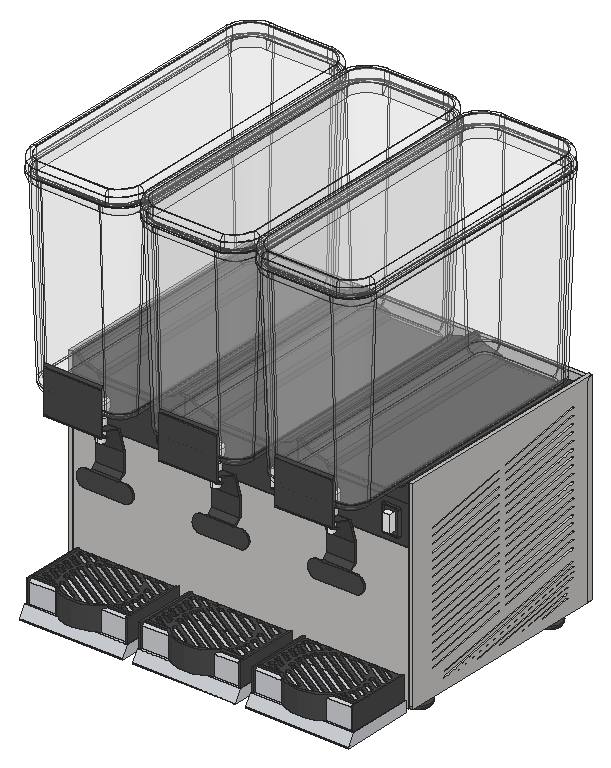
Revit family "QF_Vollrath-VBBE3-37T", category Specialty Equipment, Revit 2018 (continued)
Forms (in)
  Extrusion 47, solid, material "QF_Finishes-Black Plastic"
    sketch origin (7.0638, 0, 0) x (1, 0, 0) y (0, 1, 0)
      loop
        arc (-2.69423, -6.15849) -> (-2.79372, -6.1566) -> (-2.84402, -6.24246) r 0.09843
        line (-2.84402, -6.24246) -> (-2.84402, -6.35783)
        arc (-2.84402, -6.35783) -> (-2.83145, -6.40596) -> (-2.79695, -6.4418) r 0.09843
        line (-2.79695, -6.4418) -> (-2.18491, -6.81617) -> (-1.91188, -6.81617)
        arc (-1.91188, -6.81617) -> (-1.85587, -6.7319) -> (-1.9031, -6.64241) r 0.09904
        line (-1.9031, -6.64241) -> (-2.69423, -6.15849)
      loop
        line (-2.39494, -3.50325) -> (-1.73202, -3.90876)
        arc (-1.73202, -3.90876) -> (-1.66637, -3.92218) -> (-1.60735, -3.89047) r 0.09841
        line (-1.60735, -3.89047) -> (-1.54093, -3.82001)
        arc (-1.54093, -3.82001) -> (-1.51481, -3.73924) -> (-1.5609, -3.66795) r 0.09896
        line (-1.5609, -3.66795) -> (-2.18752, -3.28465)
        arc (-2.18752, -3.28465) -> (-2.235, -3.26983) -> (-2.28367, -3.28012) r 0.09843
        line (-2.28367, -3.28012) -> (-2.38686, -3.33173)
        arc (-2.38686, -3.33173) -> (-2.44114, -3.41512) -> (-2.39494, -3.50325) r 0.09843
      loop
        arc (-1.47591, -3.32087) -> (-1.57065, -3.39261) -> (-1.52727, -3.50325) r 0.09843
        line (-1.52727, -3.50325) -> (-1.3826, -3.59175)
        arc (-1.3826, -3.59175) -> (-1.32707, -3.60613) -> (-1.27295, -3.58713) r 0.09847
        line (-1.27295, -3.58713) -> (-1.18803, -3.52827)
        arc (-1.18803, -3.52827) -> (-1.14526, -3.44427) -> (-1.19182, -3.36231) r 0.09944
        line (-1.19182, -3.36231) -> (-1.23593, -3.33533)
        arc (-1.23593, -3.33533) -> (-1.26061, -3.32455) -> (-1.28729, -3.32087) r 0.09843
        line (-1.28729, -3.32087) -> (-1.47591, -3.32087)
      loop
        arc (2.16593, -4.35471) -> (2.05008, -4.36433) -> (2.02423, -4.47767) r 0.09841
        line (2.02423, -4.47767) -> (2.08147, -4.62318)
        arc (2.08147, -4.62318) -> (2.09769, -4.65241) -> (2.12281, -4.67447) r 0.09781
        line (2.12281, -4.67447) -> (2.73454, -5.04866)
        arc (2.73454, -5.04866) -> (2.83403, -5.05055) -> (2.88433, -4.9647) r 0.09843
        line (2.88433, -4.9647) -> (2.88433, -4.84932)
        arc (2.88433, -4.84932) -> (2.87176, -4.80119) -> (2.83726, -4.76535) r 0.09843
        line (2.83726, -4.76535) -> (2.16593, -4.35471)
      loop
        arc (2.33855, -4.99104) -> (2.23397, -4.99219) -> (2.18943, -5.08682) r 0.09845
        line (2.18943, -5.08682) -> (2.20051, -5.20384)
        arc (2.20051, -5.20384) -> (2.21442, -5.2483) -> (2.24726, -5.28133) r 0.09819
        line (2.24726, -5.28133) -> (2.73454, -5.5794)
        arc (2.73454, -5.5794) -> (2.83403, -5.58129) -> (2.88433, -5.49544) r 0.09843
        line (2.88433, -5.49544) -> (2.88433, -5.38006)
        arc (2.88433, -5.38006) -> (2.87176, -5.33193) -> (2.83726, -5.29609) r 0.09843
        line (2.83726, -5.29609) -> (2.33855, -4.99104)
      loop
        arc (2.34021, -5.5228) -> (2.24688, -5.51781) -> (2.19158, -5.59315) r 0.09828
        line (2.19158, -5.59315) -> (2.17713, -5.69751)
        arc (2.17713, -5.69751) -> (2.18485, -5.75432) -> (2.22293, -5.79719) r 0.09843
        line (2.22293, -5.79719) -> (2.73454, -6.11014)
        arc (2.73454, -6.11014) -> (2.83403, -6.11203) -> (2.88433, -6.02618) r 0.09843
        line (2.88433, -6.02618) -> (2.88433, -5.9108)
        arc (2.88433, -5.9108) -> (2.87176, -5.86267) -> (2.83726, -5.82683) r 0.09843
        line (2.83726, -5.82683) -> (2.34021, -5.5228)
      loop
        arc (2.2366, -5.99016) -> (2.15157, -5.98163) -> (2.09192, -6.04283) r 0.09842
        line (2.09192, -6.04283) -> (2.05934, -6.13333)
        arc (2.05934, -6.13333) -> (2.05873, -6.20007) -> (2.09985, -6.25265) r 0.1011
        line (2.09985, -6.25265) -> (2.73454, -6.64088)
        arc (2.73454, -6.64088) -> (2.83403, -6.64277) -> (2.88433, -6.55692) r 0.09843
        line (2.88433, -6.55692) -> (2.88433, -6.44154)
        arc (2.88433, -6.44154) -> (2.87176, -6.39341) -> (2.83726, -6.35758) r 0.09843
        line (2.83726, -6.35758) -> (2.2366, -5.99016)
      loop
        arc (2.04906, -6.40618) -> (1.97544, -6.39427) -> (1.91458, -6.43738) r 0.09845
        line (1.91458, -6.43738) -> (1.86362, -6.52146)
        arc (1.86362, -6.52146) -> (1.85022, -6.5966) -> (1.89492, -6.65847) r 0.09775
        line (1.89492, -6.65847) -> (2.15566, -6.81617) -> (2.42228, -6.81617)
        arc (2.42228, -6.81617) -> (2.48182, -6.73326) -> (2.43526, -6.64241) r 0.09794
        line (2.43526, -6.64241) -> (2.04906, -6.40618)
    from 2.28346 to 2.40157
  Extrusion 48, solid, material "QF_Finishes-Stainless"
    sketch origin (14.16375, 0, 0) x (0, 1, 0) y (0, 0, -1)
      loop
        arc (10.7576, -0.80737) -> (10.73165, -0.74473) -> (10.66901, -0.71878) r 0.08858
        line (10.66901, -0.71878) -> (-3.18504, -0.71878)
        arc (-3.18504, -0.71878) -> (-3.24768, -0.74473) -> (-3.27362, -0.80737) r 0.08858
        line (-3.27362, -0.80737) -> (-3.27362, -13.35433) -> (10.7576, -13.35433) -> (10.7576, -0.80737)
      loop
        line (8.85098, -1.60553) -> (6.83124, -1.2494) -> (6.81928, -1.31723)
        arc (6.81928, -1.31723) -> (6.84907, -1.34077) -> (6.88486, -1.3534) r 0.11572
        line (6.88486, -1.3534) -> (8.76503, -1.68493)
        arc (8.76503, -1.68493) -> (8.80299, -1.6853) -> (8.83902, -1.67336) r 0.11572
        line (8.83902, -1.67336) -> (8.85098, -1.60553)
      loop
        line (8.85098, -1.90536) -> (5.13082, -1.2494) -> (5.11886, -1.31723)
        arc (5.11886, -1.31723) -> (5.14864, -1.34077) -> (5.18444, -1.3534) r 0.11572
        line (5.18444, -1.3534) -> (8.76503, -1.98476)
        arc (8.76503, -1.98476) -> (8.80299, -1.98513) -> (8.83902, -1.97319) r 0.11572
        line (8.83902, -1.97319) -> (8.85098, -1.90536)
      loop
        line (8.85098, -2.20519) -> (3.43039, -1.2494) -> (3.41843, -1.31723)
        arc (3.41843, -1.31723) -> (3.44822, -1.34077) -> (3.48402, -1.3534) r 0.11572
        line (3.48402, -1.3534) -> (8.76503, -2.28459)
        arc (8.76503, -2.28459) -> (8.80299, -2.28496) -> (8.83902, -2.27302) r 0.11572
        line (8.83902, -2.27302) -> (8.85098, -2.20519)
      loop
        line (9.32147, -2.58798) -> (1.72997, -1.2494) -> (1.71792, -1.31773)
        arc (1.71792, -1.31773) -> (1.7477, -1.34127) -> (1.7835, -1.3539) r 0.11572
        line (1.7835, -1.3539) -> (9.23542, -2.66788)
        arc (9.23542, -2.66788) -> (9.27338, -2.66825) -> (9.30942, -2.65631) r 0.11572
        line (9.30942, -2.65631) -> (9.32147, -2.58798)
      loop
        line (9.32147, -2.88782) -> (0.02955, -1.2494) -> (0.0175, -1.31773)
        arc (0.0175, -1.31773) -> (0.04728, -1.34127) -> (0.08308, -1.3539) r 0.11572
        line (0.08308, -1.3539) -> (9.23542, -2.96771)
        arc (9.23542, -2.96771) -> (9.27338, -2.96808) -> (9.30942, -2.95614) r 0.11572
        line (9.30942, -2.95614) -> (9.32147, -2.88782)
      loop
        line (9.32147, -3.18765) -> (-0.85632, -1.39303) -> (-0.86836, -1.46136)
        arc (-0.86836, -1.46136) -> (-0.83858, -1.4849) -> (-0.80278, -1.49753) r 0.11572
        line (-0.80278, -1.49753) -> (9.23542, -3.26754)
        arc (9.23542, -3.26754) -> (9.27338, -3.26791) -> (9.30942, -3.25598) r 0.11572
        line (9.30942, -3.25598) -> (9.32147, -3.18765)
      loop
        line (9.32147, -3.48748) -> (-0.85632, -1.69286) -> (-0.86836, -1.76119)
        arc (-0.86836, -1.76119) -> (-0.83858, -1.78473) -> (-0.80278, -1.79736) r 0.11572
        line (-0.80278, -1.79736) -> (9.23542, -3.56737)
        arc (9.23542, -3.56737) -> (9.27338, -3.56774) -> (9.30942, -3.55581) r 0.11572
        line (9.30942, -3.55581) -> (9.32147, -3.48748)
      loop
        line (9.32185, -4.22424) -> (3.9704, -3.28063) -> (3.94984, -3.39722)
        arc (3.94984, -3.39722) -> (3.97963, -3.42076) -> (4.01542, -3.4334) r 0.11572
        line (4.01542, -3.4334) -> (9.22729, -4.35239)
        arc (9.22729, -4.35239) -> (9.26526, -4.35276) -> (9.30129, -4.34083) r 0.11572
        line (9.30129, -4.34083) -> (9.32185, -4.22424)
      loop
        line (3.58682, -3.213) -> (-1.76463, -2.26939) -> (-1.78519, -2.38598)
        arc (-1.78519, -2.38598) -> (-1.75541, -2.40952) -> (-1.71961, -2.42215) r 0.11572
        line (-1.71961, -2.42215) -> (3.49226, -3.34115)
        arc (3.49226, -3.34115) -> (3.53022, -3.34152) -> (3.56626, -3.32958) r 0.11572
        line (3.56626, -3.32958) -> (3.58682, -3.213)
      loop
        line (9.32185, -4.68766) -> (3.9704, -3.74406) -> (3.94984, -3.86065)
        arc (3.94984, -3.86065) -> (3.97963, -3.88419) -> (4.01542, -3.89682) r 0.11572
        line (4.01542, -3.89682) -> (9.22729, -4.81581)
        arc (9.22729, -4.81581) -> (9.26526, -4.81619) -> (9.30129, -4.80425) r 0.11572
        line (9.30129, -4.80425) -> (9.32185, -4.68766)
      loop
        line (3.58682, -3.67642) -> (-1.76463, -2.73282) -> (-1.78519, -2.8494)
        arc (-1.78519, -2.8494) -> (-1.75541, -2.87294) -> (-1.71961, -2.88558) r 0.11572
        line (-1.71961, -2.88558) -> (3.49226, -3.80457)
        arc (3.49226, -3.80457) -> (3.53022, -3.80494) -> (3.56626, -3.79301) r 0.11572
        line (3.56626, -3.79301) -> (3.58682, -3.67642)
      loop
        line (9.32185, -5.15109) -> (3.9704, -4.20748) -> (3.94984, -4.32407)
        arc (3.94984, -4.32407) -> (3.97963, -4.34761) -> (4.01542, -4.36025) r 0.11572
        line (4.01542, -4.36025) -> (9.22729, -5.27924)
        arc (9.22729, -5.27924) -> (9.26526, -5.27961) -> (9.30129, -5.26768) r 0.11572
        line (9.30129, -5.26768) -> (9.32185, -5.15109)
      loop
        line (3.58682, -4.13985) -> (-1.76463, -3.19624) -> (-1.78519, -3.31283)
        arc (-1.78519, -3.31283) -> (-1.75541, -3.33637) -> (-1.71961, -3.34901) r 0.11572
        line (-1.71961, -3.34901) -> (3.49226, -4.268)
        arc (3.49226, -4.268) -> (3.53022, -4.26837) -> (3.56626, -4.25644) r 0.11572
        line (3.56626, -4.25644) -> (3.58682, -4.13985)
      loop
        line (9.32185, -5.61451) -> (3.9704, -4.67091) -> (3.94984, -4.7875)
        arc (3.94984, -4.7875) -> (3.97963, -4.81104) -> (4.01542, -4.82367) r 0.11572
        line (4.01542, -4.82367) -> (9.22729, -5.74267)
        arc (9.22729, -5.74267) -> (9.26526, -5.74304) -> (9.30129, -5.7311) r 0.11572
        line (9.30129, -5.7311) -> (9.32185, -5.61451)
      loop
        line (3.58682, -4.60327) -> (-1.76463, -3.65967) -> (-1.78519, -3.77626)
        arc (-1.78519, -3.77626) -> (-1.75541, -3.7998) -> (-1.71961, -3.81243) r 0.11572
        line (-1.71961, -3.81243) -> (3.49226, -4.73142)
        arc (3.49226, -4.73142) -> (3.53022, -4.73179) -> (3.56626, -4.71986) r 0.11572
        line (3.56626, -4.71986) -> (3.58682, -4.60327)
      loop
        line (9.32185, -6.07794) -> (3.9704, -5.13434) -> (3.94984, -5.25092)
        arc (3.94984, -5.25092) -> (3.97963, -5.27446) -> (4.01542, -5.2871) r 0.11572
        line (4.01542, -5.2871) -> (9.22729, -6.20609)
        arc (9.22729, -6.20609) -> (9.26526, -6.20646) -> (9.30129, -6.19453) r 0.11572
        line (9.30129, -6.19453) -> (9.32185, -6.07794)
      loop
        line (3.58682, -5.0667) -> (-1.76463, -4.12309) -> (-1.78519, -4.23968)
        arc (-1.78519, -4.23968) -> (-1.75541, -4.26322) -> (-1.71961, -4.27586) r 0.11572
        line (-1.71961, -4.27586) -> (3.49226, -5.19485)
        arc (3.49226, -5.19485) -> (3.53022, -5.19522) -> (3.56626, -5.18329) r 0.11572
        line (3.56626, -5.18329) -> (3.58682, -5.0667)
      loop
        line (9.32185, -6.54137) -> (3.9704, -5.59776) -> (3.94984, -5.71435)
        arc (3.94984, -5.71435) -> (3.97963, -5.73789) -> (4.01542, -5.75052) r 0.11572
        line (4.01542, -5.75052) -> (9.22729, -6.66952)
        arc (9.22729, -6.66952) -> (9.26526, -6.66989) -> (9.30129, -6.65795) r 0.11572
        line (9.30129, -6.65795) -> (9.32185, -6.54137)
      loop
        line (3.58682, -5.53012) -> (-1.76463, -4.58652) -> (-1.78519, -4.70311)
        arc (-1.78519, -4.70311) -> (-1.75541, -4.72665) -> (-1.71961, -4.73928) r 0.11572
        line (-1.71961, -4.73928) -> (3.49226, -5.65827)
        arc (3.49226, -5.65827) -> (3.53022, -5.65864) -> (3.56626, -5.64671) r 0.11572
        line (3.56626, -5.64671) -> (3.58682, -5.53012)
      loop
        line (9.32185, -7.00479) -> (3.9704, -6.06119) -> (3.94984, -6.17777)
        arc (3.94984, -6.17777) -> (3.97963, -6.20131) -> (4.01542, -6.21395) r 0.11572
        line (4.01542, -6.21395) -> (9.22729, -7.13294)
        arc (9.22729, -7.13294) -> (9.26526, -7.13331) -> (9.30129, -7.12138) r 0.11572
        line (9.30129, -7.12138) -> (9.32185, -7.00479)
      loop
        line (3.58682, -5.99355) -> (-1.76463, -5.04994) -> (-1.78519, -5.16653)
        arc (-1.78519, -5.16653) -> (-1.75541, -5.19007) -> (-1.71961, -5.20271) r 0.11572
        line (-1.71961, -5.20271) -> (3.49226, -6.1217)
        arc (3.49226, -6.1217) -> (3.53022, -6.12207) -> (3.56626, -6.11014) r 0.11572
        line (3.56626, -6.11014) -> (3.58682, -5.99355)
      loop
        line (9.32185, -7.46822) -> (3.9704, -6.52461) -> (3.94984, -6.6412)
        arc (3.94984, -6.6412) -> (3.97963, -6.66474) -> (4.01542, -6.67737) r 0.11572
        line (4.01542, -6.67737) -> (9.22729, -7.59637)
        arc (9.22729, -7.59637) -> (9.26526, -7.59674) -> (9.30129, -7.5848) r 0.11572
        line (9.30129, -7.5848) -> (9.32185, -7.46822)
      loop
        line (3.58682, -6.45697) -> (-1.76463, -5.51337) -> (-1.78519, -5.62996)
        arc (-1.78519, -5.62996) -> (-1.75541, -5.6535) -> (-1.71961, -5.66613) r 0.11572
        line (-1.71961, -5.66613) -> (3.49226, -6.58512)
        arc (3.49226, -6.58512) -> (3.53022, -6.5855) -> (3.56626, -6.57356) r 0.11572
        line (3.56626, -6.57356) -> (3.58682, -6.45697)
      loop
        line (9.32185, -7.93164) -> (3.9704, -6.98804) -> (3.94984, -7.10462)
        arc (3.94984, -7.10462) -> (3.97963, -7.12816) -> (4.01542, -7.1408) r 0.11572
        line (4.01542, -7.1408) -> (9.22729, -8.05979)
        arc (9.22729, -8.05979) -> (9.26526, -8.06016) -> (9.30129, -8.04823) r 0.11572
        line (9.30129, -8.04823) -> (9.32185, -7.93164)
      loop
        line (3.58682, -6.9204) -> (-1.76463, -5.97679) -> (-1.78519, -6.09338)
        arc (-1.78519, -6.09338) -> (-1.75541, -6.11692) -> (-1.71961, -6.12956) r 0.11572
        line (-1.71961, -6.12956) -> (3.49226, -7.04855)
        arc (3.49226, -7.04855) -> (3.53022, -7.04892) -> (3.56626, -7.03699) r 0.11572
        line (3.56626, -7.03699) -> (3.58682, -6.9204)
      loop
        line (9.32185, -8.39507) -> (3.9704, -7.45146) -> (3.94984, -7.56805)
        arc (3.94984, -7.56805) -> (3.97963, -7.59159) -> (4.01542, -7.60422) r 0.11572
        line (4.01542, -7.60422) -> (9.22729, -8.52322)
        arc (9.22729, -8.52322) -> (9.26526, -8.52359) -> (9.30129, -8.51165) r 0.11572
        line (9.30129, -8.51165) -> (9.32185, -8.39507)
      loop
        line (3.58682, -7.38382) -> (-1.76463, -6.44022) -> (-1.78519, -6.55681)
        arc (-1.78519, -6.55681) -> (-1.75541, -6.58035) -> (-1.71961, -6.59298) r 0.11572
        line (-1.71961, -6.59298) -> (3.49226, -7.51198)
        arc (3.49226, -7.51198) -> (3.53022, -7.51235) -> (3.56626, -7.50041) r 0.11572
        line (3.56626, -7.50041) -> (3.58682, -7.38382)
      loop
        line (9.32185, -8.85849) -> (3.9704, -7.91489) -> (3.94984, -8.03147)
        arc (3.94984, -8.03147) -> (3.97963, -8.05501) -> (4.01542, -8.06765) r 0.11572
        line (4.01542, -8.06765) -> (9.22729, -8.98664)
        arc (9.22729, -8.98664) -> (9.26526, -8.98701) -> (9.30129, -8.97508) r 0.11572
        line (9.30129, -8.97508) -> (9.32185, -8.85849)
      loop
        line (3.58682, -7.84725) -> (-1.76463, -6.90364) -> (-1.78519, -7.02023)
        arc (-1.78519, -7.02023) -> (-1.75541, -7.04377) -> (-1.71961, -7.05641) r 0.11572
        line (-1.71961, -7.05641) -> (3.49226, -7.9754)
        arc (3.49226, -7.9754) -> (3.53022, -7.97577) -> (3.56626, -7.96384) r 0.11572
        line (3.56626, -7.96384) -> (3.58682, -7.84725)
      loop
        line (9.32185, -9.32192) -> (3.9704, -8.37831) -> (3.94984, -8.4949)
        arc (3.94984, -8.4949) -> (3.97963, -8.51844) -> (4.01542, -8.53107) r 0.11572
        line (4.01542, -8.53107) -> (9.22729, -9.45007)
        arc (9.22729, -9.45007) -> (9.26526, -9.45044) -> (9.30129, -9.4385) r 0.11572
        line (9.30129, -9.4385) -> (9.32185, -9.32192)
      loop
        line (3.58682, -8.31068) -> (-1.76463, -7.36707) -> (-1.78519, -7.48366)
        arc (-1.78519, -7.48366) -> (-1.75541, -7.5072) -> (-1.71961, -7.51983) r 0.11572
        line (-1.71961, -7.51983) -> (3.49226, -8.43883)
        arc (3.49226, -8.43883) -> (3.53022, -8.4392) -> (3.56626, -8.42726) r 0.11572
        line (3.56626, -8.42726) -> (3.58682, -8.31068)
      loop
        line (9.32185, -9.78534) -> (3.9704, -8.84174) -> (3.94984, -8.95832)
        arc (3.94984, -8.95832) -> (3.97963, -8.98186) -> (4.01542, -8.9945) r 0.11572
        line (4.01542, -8.9945) -> (9.22729, -9.91349)
        arc (9.22729, -9.91349) -> (9.26526, -9.91386) -> (9.30129, -9.90193) r 0.11572
        line (9.30129, -9.90193) -> (9.32185, -9.78534)
      loop
        line (3.58682, -8.7741) -> (-1.76463, -7.8305) -> (-1.78519, -7.94708)
        arc (-1.78519, -7.94708) -> (-1.75541, -7.97062) -> (-1.71961, -7.98326) r 0.11572
        line (-1.71961, -7.98326) -> (3.49226, -8.90225)
        arc (3.49226, -8.90225) -> (3.53022, -8.90262) -> (3.56626, -8.89069) r 0.11572
        line (3.56626, -8.89069) -> (3.58682, -8.7741)
      loop
        line (9.32185, -10.24877) -> (3.9704, -9.30516) -> (3.94984, -9.42175)
        arc (3.94984, -9.42175) -> (3.97963, -9.44529) -> (4.01542, -9.45792) r 0.11572
        line (4.01542, -9.45792) -> (9.22729, -10.37692)
        arc (9.22729, -10.37692) -> (9.26526, -10.37729) -> (9.30129, -10.36535) r 0.11572
        line (9.30129, -10.36535) -> (9.32185, -10.24877)
      loop
        line (3.58682, -9.23753) -> (-1.76463, -8.29392) -> (-1.78519, -8.41051)
        arc (-1.78519, -8.41051) -> (-1.75541, -8.43405) -> (-1.71961, -8.44668) r 0.11572
        line (-1.71961, -8.44668) -> (3.49226, -9.36568)
        arc (3.49226, -9.36568) -> (3.53022, -9.36605) -> (3.56626, -9.35411) r 0.11572
        line (3.56626, -9.35411) -> (3.58682, -9.23753)
      loop
        line (9.32185, -10.71219) -> (3.9704, -9.76859) -> (3.94984, -9.88517)
        arc (3.94984, -9.88517) -> (3.97963, -9.90871) -> (4.01542, -9.92135) r 0.11572
        line (4.01542, -9.92135) -> (9.22729, -10.84034)
        arc (9.22729, -10.84034) -> (9.26526, -10.84071) -> (9.30129, -10.82878) r 0.11572
        line (9.30129, -10.82878) -> (9.32185, -10.71219)
      loop
        line (3.58682, -9.70095) -> (-1.76463, -8.75735) -> (-1.78519, -8.87393)
        arc (-1.78519, -8.87393) -> (-1.75541, -8.89747) -> (-1.71961, -8.91011) r 0.11572
        line (-1.71961, -8.91011) -> (3.49226, -9.8291)
        arc (3.49226, -9.8291) -> (3.53022, -9.82947) -> (3.56626, -9.81754) r 0.11572
        line (3.56626, -9.81754) -> (3.58682, -9.70095)
      loop
        line (9.32185, -11.17562) -> (3.9704, -10.23201) -> (3.94984, -10.3486)
        arc (3.94984, -10.3486) -> (3.97963, -10.37214) -> (4.01542, -10.38477) r 0.11572
        line (4.01542, -10.38477) -> (9.22729, -11.30377)
        arc (9.22729, -11.30377) -> (9.26526, -11.30414) -> (9.30129, -11.2922) r 0.11572
        line (9.30129, -11.2922) -> (9.32185, -11.17562)
      loop
        line (3.58682, -10.16438) -> (-1.76463, -9.22077) -> (-1.78519, -9.33736)
        arc (-1.78519, -9.33736) -> (-1.75541, -9.3609) -> (-1.71961, -9.37353) r 0.11572
        line (-1.71961, -9.37353) -> (3.49226, -10.29253)
        arc (3.49226, -10.29253) -> (3.53022, -10.2929) -> (3.56626, -10.28096) r 0.11572
        line (3.56626, -10.28096) -> (3.58682, -10.16438)
      loop
        line (9.32185, -11.63904) -> (3.9704, -10.69544) -> (3.94984, -10.81202)
        arc (3.94984, -10.81202) -> (3.97963, -10.83556) -> (4.01542, -10.8482) r 0.11572
        line (4.01542, -10.8482) -> (9.22729, -11.76719)
        arc (9.22729, -11.76719) -> (9.26526, -11.76756) -> (9.30129, -11.75563) r 0.11572
        line (9.30129, -11.75563) -> (9.32185, -11.63904)
      loop
        line (3.58682, -10.6278) -> (-1.76463, -9.6842) -> (-1.78519, -9.80078)
        arc (-1.78519, -9.80078) -> (-1.75541, -9.82432) -> (-1.71961, -9.83696) r 0.11572
        line (-1.71961, -9.83696) -> (3.49226, -10.75595)
        arc (3.49226, -10.75595) -> (3.53022, -10.75632) -> (3.56626, -10.74439) r 0.11572
        line (3.56626, -10.74439) -> (3.58682, -10.6278)
      loop
        line (9.32185, -12.10307) -> (3.9704, -11.15947) -> (3.94984, -11.27605)
        arc (3.94984, -11.27605) -> (3.97963, -11.29959) -> (4.01542, -11.31223) r 0.11572
        line (4.01542, -11.31223) -> (9.22729, -12.23122)
        arc (9.22729, -12.23122) -> (9.26526, -12.23159) -> (9.30129, -12.21966) r 0.11572
        line (9.30129, -12.21966) -> (9.32185, -12.10307)
      loop
        line (3.58682, -11.09183) -> (-1.76463, -10.14822) -> (-1.78519, -10.26481)
        arc (-1.78519, -10.26481) -> (-1.75541, -10.28835) -> (-1.71961, -10.30099) r 0.11572
        line (-1.71961, -10.30099) -> (3.49226, -11.21998)
        arc (3.49226, -11.21998) -> (3.53022, -11.22035) -> (3.56626, -11.20842) r 0.11572
        line (3.56626, -11.20842) -> (3.58682, -11.09183)
    from -3.6675 to -3.46457
  Extrusion 49, solid
    sketch origin (7.06271, 0, 0) x (0, 1, 0) y (0, 0, 1)
      loop
        arc (-6.9626, 2.40157) -> (-7.08882, 2.37471) -> (-7.18008, 2.28346) r 0.22732
        line (-7.18008, 2.28346) -> (-7.18008, 1.03543) -> (-6.9626, 1.03543) -> (-6.9626, 2.40157)
    from -3.05071 to -1.36292
  Sweep 50, solid, material "QF_Finishes-Black Plastic"
    path origin (0.00669, 0, 0) x (1, 0, 0) y (0, 0, 1)
      loop
        arc (-2.90354, 10.17079) -> (-2.88625, 10.12903) -> (-2.84449, 10.11173) r 0.05906
        line (-2.84449, 10.11173) -> (-1.99803, 10.11173)
        arc (-1.99803, 10.11173) -> (-1.95627, 10.12903) -> (-1.93898, 10.17079) r 0.05906
        line (-1.93898, 10.17079) -> (-1.93898, 11.63929)
        arc (-1.93898, 11.63929) -> (-1.95627, 11.68105) -> (-1.99803, 11.69835) r 0.05906
        line (-1.99803, 11.69835) -> (-2.84449, 11.69835)
        arc (-2.84449, 11.69835) -> (-2.88625, 11.68105) -> (-2.90354, 11.63929) r 0.05906
        line (-2.90354, 11.63929) -> (-2.90354, 10.17079)
    profile origin (-2.89685, 0, 10.90504) x (-1, 0, 0) y (0, -1, 0)
      loop
        arc (0.09489, 3.27803) -> (0.04169, 3.30166) -> (0.01972, 3.35557) r 0.0779
        arc (0.01972, 3.35557) -> (0.01127, 3.3726) -> (-0.00738, 3.37633) r 0.02157
        line (-0.00738, 3.37633) -> (-0.00738, 3.27803) -> (0.09489, 3.27803)
  Extrusion 51, solid, material "QF_Finishes-White Rubber"
    sketch origin (0.00669, 0, 0) x (1, 0, 0) y (0, 0, 1)
      loop
        line (-2.66535, 10.3637) -> (-2.17717, 10.3637) -> (-2.17717, 11.44638) -> (-2.66535, 11.44638) -> (-2.66535, 10.3637)
    from 3.27362 to 3.65598
  Extrusion 52, solid, material "QF_Finishes-Black Plastic"
    sketch origin (14.12542, 0, 0) x (1, 0, 0) y (0, 1, 0)
      loop
        line (3.18945, -3.12402) -> (-3.14914, -3.12402) -> (-3.14914, -7.27756) -> (-3.05071, -7.27756) -> (-3.05071, -6.9626) -> (-1.68325, -6.9626)
        arc (-1.68325, -6.9626) -> (-1.65302, -6.96863) -> (-1.62741, -6.98581) r 0.07879
        arc (-1.62741, -6.98581) -> (0.01907, -7.67007) -> (1.66554, -6.98581) r 2.323
        arc (1.66554, -6.98581) -> (1.69232, -6.96862) -> (1.72357, -6.9626) r 0.08414
        line (1.72357, -6.9626) -> (3.09102, -6.9626) -> (3.09102, -7.27756) -> (3.18945, -7.27756) -> (3.18945, -3.12402)
      loop
        line (-3.05071, -3.19488) -> (-3.05071, -6.8248) -> (-1.68325, -6.8248)
        arc (-1.68325, -6.8248) -> (-1.60014, -6.84139) -> (-1.52977, -6.88862) r 0.21647
        arc (-1.52977, -6.88862) -> (0.02, -7.53304) -> (1.56978, -6.88862) r 2.18576
        arc (1.56978, -6.88862) -> (1.64015, -6.84139) -> (1.72326, -6.8248) r 0.21647
        line (1.72326, -6.8248) -> (3.09102, -6.8248) -> (3.09102, -3.19488) -> (-3.05071, -3.19488)
    from 1.03543 to 2.48031
  Extrusion 53, solid
    sketch origin (14.12542, 0, 0) x (0, 1, 0) y (0, 0, 1)
      loop
        line (-3.27362, 1.03543) -> (-7.3563, 1.03543) -> (-7.75, 0.3937) -> (-7.75, 0.35433) -> (-3.27362, 0.35433) -> (-3.27362, 1.03543)
    from -3.17717 to 3.27868
  Extrusion 54, solid
    sketch origin (14.12542, 0, 0) x (0, 1, 0) y (0, 0, -1)
      loop
        line (-6.9626, -2.40157) -> (-6.9626, -1.03543) -> (-7.18008, -1.03543) -> (-7.18008, -2.28346)
        arc (-7.18008, -2.28346) -> (-7.08882, -2.37471) -> (-6.9626, -2.40157) r 0.22732
    from -3.09102 to -1.40314
  Extrusion 55, solid, material "QF_Finishes-Black Plastic"
    sketch origin (14.12651, 0, 0) x (1, 0, 0) y (0, 1, 0)
      loop
        line (-3.05071, -6.8248) -> (-1.68325, -6.8248)
        arc (-1.68325, -6.8248) -> (-1.60014, -6.84139) -> (-1.52977, -6.88862) r 0.21647
        arc (-1.52977, -6.88862) -> (0.02, -7.53304) -> (1.56978, -6.88862) r 2.18576
        arc (1.56978, -6.88862) -> (1.64015, -6.84139) -> (1.72326, -6.8248) r 0.21647
        line (1.72326, -6.8248) -> (3.09102, -6.8248) -> (3.09102, -3.19488) -> (-3.05071, -3.19488) -> (-3.05071, -6.8248)
      loop
        line (1.99999, -5.31469) -> (-0.85274, -3.56972)
        arc (-0.85274, -3.56972) -> (-0.90143, -3.55568) -> (-0.95047, -3.56848) r 0.09564
        line (-0.95047, -3.56848) -> (-1.05079, -3.62641)
        arc (-1.05079, -3.62641) -> (-1.09797, -3.71056) -> (-1.05079, -3.79471) r 0.09865
        line (-1.05079, -3.79471) -> (1.89113, -5.59424)
        arc (1.89113, -5.59424) -> (1.98696, -5.59808) -> (2.04057, -5.51856) r 0.09843
        line (2.04057, -5.51856) -> (2.04706, -5.40253)
        arc (2.04706, -5.40253) -> (2.03544, -5.35223) -> (1.99999, -5.31469) r 0.09857
      loop
        line (1.92869, -5.80182) -> (-1.25519, -3.85429)
        arc (-1.25519, -3.85429) -> (-1.31546, -3.84407) -> (-1.37003, -3.87162) r 0.09782
        line (-1.37003, -3.87162) -> (-1.44371, -3.9453)
        arc (-1.44371, -3.9453) -> (-1.47148, -4.02385) -> (-1.42783, -4.09482) r 0.09665
        line (-1.42783, -4.09482) -> (1.79158, -6.06408)
        arc (1.79158, -6.06408) -> (1.8762, -6.07294) -> (1.93593, -6.01235) r 0.09812
        line (1.93593, -6.01235) -> (1.96819, -5.91075)
        arc (1.96819, -5.91075) -> (1.96695, -5.84957) -> (1.92869, -5.80182) r 0.09507
      loop
        line (1.74837, -6.22226) -> (-1.54753, -4.20621)
        arc (-1.54753, -4.20621) -> (-1.61887, -4.19636) -> (-1.67693, -4.23897) r 0.09584
        line (-1.67693, -4.23897) -> (-1.73108, -4.32679)
        arc (-1.73108, -4.32679) -> (-1.743, -4.39877) -> (-1.70104, -4.45845) r 0.09631
        line (-1.70104, -4.45845) -> (1.59739, -6.47604)
        arc (1.59739, -6.47604) -> (1.66914, -6.48577) -> (1.72723, -6.44255) r 0.09587
        line (1.72723, -6.44255) -> (1.78078, -6.35401)
        arc (1.78078, -6.35401) -> (1.79129, -6.28157) -> (1.74837, -6.22226) r 0.09741
      loop
        line (1.48132, -6.58966) -> (-1.74811, -4.61427)
        arc (-1.74811, -4.61427) -> (-1.83177, -4.60731) -> (-1.88979, -4.66798) r 0.09744
        line (-1.88979, -4.66798) -> (-1.92257, -4.76761)
        arc (-1.92257, -4.76761) -> (-1.92194, -4.82904) -> (-1.88395, -4.87732) r 0.0953
        line (-1.88395, -4.87732) -> (1.30511, -6.82801)
        arc (1.30511, -6.82801) -> (1.36581, -6.8405) -> (1.42146, -6.81321) r 0.09579
        line (1.42146, -6.81321) -> (1.49519, -6.73948)
        arc (1.49519, -6.73948) -> (1.52341, -6.66132) -> (1.48132, -6.58966) r 0.09779
      loop
        line (1.10757, -6.89177) -> (-1.84914, -5.0832)
        arc (-1.84914, -5.0832) -> (-1.94458, -5.07917) -> (-1.99846, -5.15805) r 0.0984
        line (-1.99846, -5.15805) -> (-2.00593, -5.27264)
        arc (-2.00593, -5.27264) -> (-1.99506, -5.32396) -> (-1.95906, -5.3621) r 0.09696
        line (-1.95906, -5.3621) -> (0.91264, -7.11867)
        arc (0.91264, -7.11867) -> (0.96072, -7.13194) -> (1.0088, -7.11867) r 0.09375
        line (1.0088, -7.11867) -> (1.10757, -7.05966)
        arc (1.10757, -7.05966) -> (1.15463, -6.97572) -> (1.10757, -6.89177) r 0.0984
      loop
        line (0.60863, -7.11732) -> (-1.82264, -5.63015)
        arc (-1.82264, -5.63015) -> (-1.92999, -5.63329) -> (-1.97033, -5.73281) r 0.09825
        line (-1.97033, -5.73281) -> (-1.93774, -5.87396)
        arc (-1.93774, -5.87396) -> (-1.92175, -5.90738) -> (-1.89442, -5.93238) r 0.09714
        line (-1.89442, -5.93238) -> (0.37225, -7.31886)
        arc (0.37225, -7.31886) -> (0.40695, -7.33252) -> (0.44421, -7.33107) r 0.09073
        line (0.44421, -7.33107) -> (0.58467, -7.29582)
        arc (0.58467, -7.29582) -> (0.65482, -7.21438) -> (0.60863, -7.11732) r 0.09843
      loop
        line (-0.15644, -7.18008) -> (-1.53008, -6.33984)
        arc (-1.53008, -6.33984) -> (-1.65245, -6.35562) -> (-1.66332, -6.47852) r 0.09845
        line (-1.66332, -6.47852) -> (-1.474, -6.72028) -> (-0.52036, -7.30361) -> (-0.21942, -7.36177)
        arc (-0.21942, -7.36177) -> (-0.1148, -7.29628) -> (-0.15644, -7.18008) r 0.09842
      loop
        line (1.92796, -4.73989) -> (-0.30697, -3.37282)
        arc (-0.30697, -3.37282) -> (-0.34079, -3.3598) -> (-0.37704, -3.35963) r 0.10043
        line (-0.37704, -3.35963) -> (-0.52004, -3.39377)
        arc (-0.52004, -3.39377) -> (-0.59167, -3.47506) -> (-0.54547, -3.57306) r 0.09865
        line (-0.54547, -3.57306) -> (1.85831, -5.04342)
        arc (1.85831, -5.04342) -> (1.96624, -5.03999) -> (2.00606, -4.93962) r 0.09842
        line (2.00606, -4.93962) -> (1.97137, -4.79716)
        arc (1.97137, -4.79716) -> (1.95507, -4.76442) -> (1.92796, -4.73989) r 0.09857
      loop
        line (1.46531, -3.92615) -> (0.62845, -3.41426)
        arc (0.62845, -3.41426) -> (0.46776, -3.37153) -> (0.30428, -3.34114) r 2.18615
        arc (0.30428, -3.34114) -> (0.19761, -3.4051) -> (0.23921, -3.5223) r 0.09818
        line (0.23921, -3.5223) -> (1.54679, -4.32213)
        arc (1.54679, -4.32213) -> (1.66978, -4.30502) -> (1.67799, -4.18113) r 0.09835
        arc (1.67799, -4.18113) -> (1.57664, -4.04948) -> (1.46531, -3.92615) r 2.12561
      loop
        line (2.83911, -4.23574) -> (1.36588, -3.33459)
        arc (1.36588, -3.33459) -> (1.34175, -3.32427) -> (1.31572, -3.32087) r 0.09593
        arc (1.31572, -3.32087) -> (1.27881, -3.321) -> (1.2419, -3.32087) r 5.03614
        arc (1.2419, -3.32087) -> (1.14687, -3.39171) -> (1.18925, -3.5024) r 0.0982
        arc (1.18925, -3.5024) -> (1.38493, -3.6409) -> (1.56306, -3.80134) r 2.04444
        line (1.56306, -3.80134) -> (2.73642, -4.51906)
        arc (2.73642, -4.51906) -> (2.8353, -4.51983) -> (2.88433, -4.43395) r 0.09782
        arc (2.88433, -4.43395) -> (2.88401, -4.37627) -> (2.88433, -4.31858) r 5.14481
        arc (2.88433, -4.31858) -> (2.87254, -4.27125) -> (2.83911, -4.23574) r 0.0965
      loop
        line (2.83639, -3.70334) -> (2.23231, -3.33383)
        arc (2.23231, -3.33383) -> (2.21027, -3.32439) -> (2.18655, -3.32087) r 0.09339
        line (2.18655, -3.32087) -> (1.99477, -3.32087)
        arc (1.99477, -3.32087) -> (1.89988, -3.39257) -> (1.94341, -3.50325) r 0.09837
        line (1.94341, -3.50325) -> (2.73528, -3.98763)
        arc (2.73528, -3.98763) -> (2.83413, -3.98931) -> (2.88433, -3.90415) r 0.09818
        arc (2.88433, -3.90415) -> (2.88448, -3.84599) -> (2.88433, -3.78784) r 11.3571
        arc (2.88433, -3.78784) -> (2.87139, -3.73933) -> (2.83639, -3.70334) r 0.09933
      loop
        arc (-2.69423, -5.62775) -> (-2.79372, -5.62586) -> (-2.84402, -5.71171) r 0.09843
        line (-2.84402, -5.71171) -> (-2.84402, -5.82709)
        arc (-2.84402, -5.82709) -> (-2.83145, -5.87522) -> (-2.79695, -5.91106) r 0.09843
        line (-2.79695, -5.91106) -> (-2.13741, -6.31449)
        arc (-2.13741, -6.31449) -> (-2.02317, -6.30683) -> (-1.99384, -6.19615) r 0.09819
        line (-1.99384, -6.19615) -> (-2.04986, -6.04886)
        arc (-2.04986, -6.04886) -> (-2.066, -6.01898) -> (-2.09144, -5.99647) r 0.09728
        line (-2.09144, -5.99647) -> (-2.69423, -5.62775)
      loop
        arc (-2.69423, -5.09701) -> (-2.79372, -5.09512) -> (-2.84402, -5.18097) r 0.09843
        line (-2.84402, -5.18097) -> (-2.84402, -5.29635)
        arc (-2.84402, -5.29635) -> (-2.83145, -5.34448) -> (-2.79695, -5.38032) r 0.09843
        line (-2.79695, -5.38032) -> (-2.30078, -5.68381)
        arc (-2.30078, -5.68381) -> (-2.19664, -5.68292) -> (-2.1516, -5.58901) r 0.09843
        line (-2.1516, -5.58901) -> (-2.16128, -5.47226)
        arc (-2.16128, -5.47226) -> (-2.17523, -5.42752) -> (-2.20826, -5.39428) r 0.09865
        line (-2.20826, -5.39428) -> (-2.69423, -5.09701)
      loop
        arc (-2.69423, -4.56627) -> (-2.79372, -4.56438) -> (-2.84402, -4.65023) r 0.09843
        line (-2.84402, -4.65023) -> (-2.84402, -4.76561)
        arc (-2.84402, -4.76561) -> (-2.83145, -4.81374) -> (-2.79695, -4.84958) r 0.09843
        line (-2.79695, -4.84958) -> (-2.29775, -5.15493)
        arc (-2.29775, -5.15493) -> (-2.20358, -5.15958) -> (-2.14873, -5.0829) r 0.09839
        line (-2.14873, -5.0829) -> (-2.13391, -4.98165)
        arc (-2.13391, -4.98165) -> (-2.14196, -4.92467) -> (-2.17954, -4.8811) r 0.10209
        line (-2.17954, -4.8811) -> (-2.69423, -4.56627)
      loop
        arc (-2.69423, -4.03555) -> (-2.79372, -4.03365) -> (-2.84402, -4.11951) r 0.09843
        line (-2.84402, -4.11951) -> (-2.84402, -4.23489)
        arc (-2.84402, -4.23489) -> (-2.83145, -4.28301) -> (-2.79695, -4.31885) r 0.09843
        line (-2.79695, -4.31885) -> (-2.19054, -4.68978)
        arc (-2.19054, -4.68978) -> (-2.10586, -4.69843) -> (-2.0461, -4.63781) r 0.09843
        line (-2.0461, -4.63781) -> (-2.01311, -4.5476)
        arc (-2.01311, -4.5476) -> (-2.01108, -4.48046) -> (-2.05286, -4.42787) r 0.09777
        line (-2.05286, -4.42787) -> (-2.69423, -4.03555)
      loop
        arc (-2.69423, -3.50479) -> (-2.79372, -3.5029) -> (-2.84402, -3.58875) r 0.09843
        line (-2.84402, -3.58875) -> (-2.84402, -3.70413)
        arc (-2.84402, -3.70413) -> (-2.83145, -3.75226) -> (-2.79695, -3.78809) r 0.09843
        line (-2.79695, -3.78809) -> (-2.00078, -4.2751)
        arc (-2.00078, -4.2751) -> (-1.92526, -4.28682) -> (-1.86377, -4.24142) r 0.09931
        line (-1.86377, -4.24142) -> (-1.8143, -4.16136)
        arc (-1.8143, -4.16136) -> (-1.80095, -4.08604) -> (-1.84557, -4.0239) r 0.09843
        line (-1.84557, -4.0239) -> (-2.69423, -3.50479)
      loop
        arc (-2.69423, -6.15849) -> (-2.79372, -6.1566) -> (-2.84402, -6.24246) r 0.09843
        line (-2.84402, -6.24246) -> (-2.84402, -6.35783)
        arc (-2.84402, -6.35783) -> (-2.83145, -6.40596) -> (-2.79695, -6.4418) r 0.09843
        line (-2.79695, -6.4418) -> (-2.18491, -6.81617) -> (-1.91188, -6.81617)
        arc (-1.91188, -6.81617) -> (-1.85587, -6.7319) -> (-1.9031, -6.64241) r 0.09904
        line (-1.9031, -6.64241) -> (-2.69423, -6.15849)
      loop
        line (-2.39494, -3.50325) -> (-1.73202, -3.90876)
        arc (-1.73202, -3.90876) -> (-1.66637, -3.92218) -> (-1.60735, -3.89047) r 0.09841
        line (-1.60735, -3.89047) -> (-1.54093, -3.82001)
        arc (-1.54093, -3.82001) -> (-1.51481, -3.73924) -> (-1.5609, -3.66795) r 0.09896
        line (-1.5609, -3.66795) -> (-2.18752, -3.28465)
        arc (-2.18752, -3.28465) -> (-2.235, -3.26983) -> (-2.28367, -3.28012) r 0.09843
        line (-2.28367, -3.28012) -> (-2.38686, -3.33173)
        arc (-2.38686, -3.33173) -> (-2.44114, -3.41512) -> (-2.39494, -3.50325) r 0.09843
      loop
        arc (-1.47591, -3.32087) -> (-1.57065, -3.39261) -> (-1.52727, -3.50325) r 0.09843
        line (-1.52727, -3.50325) -> (-1.3826, -3.59175)
        arc (-1.3826, -3.59175) -> (-1.32707, -3.60613) -> (-1.27295, -3.58713) r 0.09847
        line (-1.27295, -3.58713) -> (-1.18803, -3.52827)
        arc (-1.18803, -3.52827) -> (-1.14526, -3.44427) -> (-1.19182, -3.36231) r 0.09944
        line (-1.19182, -3.36231) -> (-1.23593, -3.33533)
        arc (-1.23593, -3.33533) -> (-1.26061, -3.32455) -> (-1.28729, -3.32087) r 0.09843
        line (-1.28729, -3.32087) -> (-1.47591, -3.32087)
      loop
        arc (2.16593, -4.35471) -> (2.05008, -4.36433) -> (2.02423, -4.47767) r 0.09841
        line (2.02423, -4.47767) -> (2.08147, -4.62318)
        arc (2.08147, -4.62318) -> (2.09769, -4.65241) -> (2.12281, -4.67447) r 0.09781
        line (2.12281, -4.67447) -> (2.73454, -5.04866)
        arc (2.73454, -5.04866) -> (2.83403, -5.05055) -> (2.88433, -4.9647) r 0.09843
        line (2.88433, -4.9647) -> (2.88433, -4.84932)
        arc (2.88433, -4.84932) -> (2.87176, -4.80119) -> (2.83726, -4.76535) r 0.09843
        line (2.83726, -4.76535) -> (2.16593, -4.35471)
      loop
        arc (2.33855, -4.99104) -> (2.23397, -4.99219) -> (2.18943, -5.08682) r 0.09845
        line (2.18943, -5.08682) -> (2.20051, -5.20384)
        arc (2.20051, -5.20384) -> (2.21442, -5.2483) -> (2.24726, -5.28133) r 0.09819
        line (2.24726, -5.28133) -> (2.73454, -5.5794)
        arc (2.73454, -5.5794) -> (2.83403, -5.58129) -> (2.88433, -5.49544) r 0.09843
        line (2.88433, -5.49544) -> (2.88433, -5.38006)
        arc (2.88433, -5.38006) -> (2.87176, -5.33193) -> (2.83726, -5.29609) r 0.09843
        line (2.83726, -5.29609) -> (2.33855, -4.99104)
      loop
        arc (2.34021, -5.5228) -> (2.24688, -5.51781) -> (2.19158, -5.59315) r 0.09828
        line (2.19158, -5.59315) -> (2.17713, -5.69751)
        arc (2.17713, -5.69751) -> (2.18485, -5.75432) -> (2.22293, -5.79719) r 0.09843
        line (2.22293, -5.79719) -> (2.73454, -6.11014)
        arc (2.73454, -6.11014) -> (2.83403, -6.11203) -> (2.88433, -6.02618) r 0.09843
        line (2.88433, -6.02618) -> (2.88433, -5.9108)
        arc (2.88433, -5.9108) -> (2.87176, -5.86267) -> (2.83726, -5.82683) r 0.09843
        line (2.83726, -5.82683) -> (2.34021, -5.5228)
      loop
        arc (2.2366, -5.99016) -> (2.15157, -5.98163) -> (2.09192, -6.04283) r 0.09842
        line (2.09192, -6.04283) -> (2.05934, -6.13333)
        arc (2.05934, -6.13333) -> (2.05873, -6.20007) -> (2.09985, -6.25265) r 0.1011
        line (2.09985, -6.25265) -> (2.73454, -6.64088)
        arc (2.73454, -6.64088) -> (2.83403, -6.64277) -> (2.88433, -6.55692) r 0.09843
        line (2.88433, -6.55692) -> (2.88433, -6.44154)
        arc (2.88433, -6.44154) -> (2.87176, -6.39341) -> (2.83726, -6.35758) r 0.09843
        line (2.83726, -6.35758) -> (2.2366, -5.99016)
      loop
        arc (2.04906, -6.40618) -> (1.97544, -6.39427) -> (1.91458, -6.43738) r 0.09845
        line (1.91458, -6.43738) -> (1.86362, -6.52146)
        arc (1.86362, -6.52146) -> (1.85022, -6.5966) -> (1.89492, -6.65847) r 0.09775
        line (1.89492, -6.65847) -> (2.15566, -6.81617) -> (2.42228, -6.81617)
        arc (2.42228, -6.81617) -> (2.48182, -6.73326) -> (2.43526, -6.64241) r 0.09794
        line (2.43526, -6.64241) -> (2.04906, -6.40618)
    from 2.28346 to 2.40157
  Extrusion 56, solid
    sketch origin (14.12542, 0, 0) x (0, 1, 0) y (0, 0, 1)
      loop
        arc (-6.9626, 2.40157) -> (-7.08882, 2.37471) -> (-7.18008, 2.28346) r 0.22732
        line (-7.18008, 2.28346) -> (-7.18008, 1.03543) -> (-6.9626, 1.03543) -> (-6.9626, 2.40157)
    from -3.05071 to -1.36292
  Sweep 57, solid, material "QF_Finishes-Clear Plastic"
    path origin (14.31571, 3.74664, 2.49852) x (1, 0, 0) y (0, 1, 0)
      loop
        line (-2.2551, -11.10622) -> (2.2551, -11.10622)
        arc (2.2551, -11.10622) -> (2.85564, -10.64462) -> (3.17382, -9.95724) r 1.58698
        line (3.17382, -9.95724) -> (3.17382, 5.36453)
        arc (3.17382, 5.36453) -> (2.71278, 6.17327) -> (1.84782, 6.51746) r 1.40778
        line (1.84782, 6.51746) -> (-1.84782, 6.51746)
        arc (-1.84782, 6.51746) -> (-2.71161, 6.17429) -> (-3.17326, 5.36758) r 1.40778
        line (-3.17326, 5.36758) -> (-3.17326, -9.96011)
        arc (-3.17326, -9.96011) -> (-2.85472, -10.64576) -> (-2.2551, -11.10622) r 1.58698
    profile origin (14.31571, -7.35958, 2.49852) x (0, 1, 0) y (0, 0, 1)
      loop
        line (-0.39475, 22.88102) -> (-0.01824, 22.88102) -> (-0.01824, 23.6765)
        arc (-0.01824, 23.6765) -> (-0.26993, 23.6729) -> (-0.39475, 23.45431) r 0.25381
        line (-0.39475, 23.45431) -> (-0.39475, 22.88102)
  Extrusion 58, solid, material "QF_Finishes-Clear Plastic"
    sketch origin (14.31639, 3.7403, 1.72576) x (1, 0, 0) y (0, 1, 0)
      loop
        line (-2.15049, -11.11812) -> (2.25892, -11.11812)
        arc (2.25892, -11.11812) -> (2.86473, -10.65608) -> (3.18926, -9.96676) r 1.60522
        line (3.18926, -9.96676) -> (3.18926, 5.42563)
        arc (3.18926, 5.42563) -> (2.86227, 6.21505) -> (2.07284, 6.54204) r 1.11642
        line (2.07284, 6.54204) -> (-2.09748, 6.54204)
        arc (-2.09748, 6.54204) -> (-2.80722, 6.28665) -> (-3.1915, 5.63759) r 1.11388
        line (-3.1915, 5.63759) -> (-3.1915, -9.95554)
        arc (-3.1915, -9.95554) -> (-2.83451, -10.68325) -> (-2.15049, -11.11812) r 1.49663
    from 24.42674 to 24.46291
  Extrusion 59, solid, material "QF_Finishes-Black Plastic"
    sketch origin (14.07832, 0, 0) x (1, 0, 0) y (0, 0, 1)
      loop
        arc (-3.06893, 13.19444) -> (-3.1372, 13.24812) -> (-3.22192, 13.26725) r 0.19715
        line (-3.22192, 13.26725) -> (-3.42469, 13.26725) -> (-3.42469, 9.73814) -> (3.55, 9.73814) -> (3.55, 13.26725) -> (3.49357, 13.26725)
        arc (3.49357, 13.26725) -> (3.42756, 13.25587) -> (3.36917, 13.22304) r 0.19715
        arc (3.36917, 13.22304) -> (3.33142, 13.14138) -> (3.27571, 13.07076) r 0.3838
        arc (3.27571, 13.07076) -> (3.1435, 12.96931) -> (2.98955, 12.90554) r 0.63833
        line (2.98955, 12.90554) -> (2.23641, 12.70374)
        arc (2.23641, 12.70374) -> (2.12033, 12.63647) -> (2.05382, 12.51995) r 0.2576
        line (2.05382, 12.51995) -> (-1.58365, 12.51995)
        arc (-1.58365, 12.51995) -> (-1.65138, 12.62653) -> (-1.76163, 12.68812) r 0.2576
        line (-1.76163, 12.68812) -> (-2.71887, 12.94461)
        arc (-2.71887, 12.94461) -> (-2.87282, 13.00838) -> (-3.00502, 13.10982) r 0.63833
        arc (-3.00502, 13.10982) -> (-3.04103, 13.1514) -> (-3.07072, 13.1977) r 0.3838
    from 3.12402 to 3.27362
  Extrusion 60, solid, material "QF_Finishes-Black Plastic"
    sketch origin (14.03594, -0.69203, -0.67436) x (0, 1, 0) y (0, 0, 1)
      loop
        arc (-6.7126, 12.77975) -> (-6.69637, 12.72827) -> (-6.65354, 12.69541) r 0.08975
        line (-6.65354, 12.69541) -> (-6.24829, 12.54791) -> (-6.22809, 12.6034) -> (-6.65354, 12.75825) -> (-6.65354, 15.43542) -> (-6.55627, 15.57434) -> (-6.585, 15.63626) -> (-6.69836, 15.47437)
        arc (-6.69836, 15.47437) -> (-6.70895, 15.45289) -> (-6.7126, 15.42921) r 0.07874
        line (-6.7126, 15.42921) -> (-6.7126, 12.77975)
    from -1.53543 to 2.09496
  Revolve 61, solid, material "QF_Finishes-White Rubber"
    sketch origin (14.33133, -0.00627, -0.98853) x (0, 1, 0) y (0, 0, 1)
      loop
        line (-5.26181, 11.35591) -> (-5.26181, 13.7196) -> (-5.58313, 13.7196)
        arc (-5.58313, 13.7196) -> (-5.66215, 13.68687) -> (-5.69488, 13.60785) r 0.11175
        line (-5.69488, 13.60785) -> (-5.6749, 12.85346) -> (-5.57506, 12.85346) -> (-5.57506, 12.36572) -> (-5.49364, 12.33608) -> (-5.49364, 11.35591) -> (-5.26181, 11.35591)
      axis (-5.26181, 11.35591) -> (-5.26181, 13.7196)
    angle from 0 to 360
  Extrusion 62, solid, material "QF_Finishes-Black Plastic"
    sketch origin (14.32352, 0.05623, -0.98853) x (0, 1, 0) y (0, 0, 1)
      loop
        line (-4.89794, 12.05642) -> (-4.5209, 10.64927) -> (-4.5209, 9.50735) -> (-4.87524, 9.24034)
        arc (-4.87524, 9.24034) -> (-4.89988, 9.20972) -> (-4.90703, 9.17106) r 0.08027
        line (-4.90703, 9.17106) -> (-4.84806, 9.16797) -> (-4.83447, 9.19711) -> (-4.4932, 9.45428)
        arc (-4.4932, 9.45428) -> (-4.47012, 9.48203) -> (-4.46184, 9.51717) r 0.07874
        line (-4.46184, 9.51717) -> (-4.46184, 10.65704) -> (-4.8302, 12.03176)
        arc (-4.8302, 12.03176) -> (-4.86865, 12.09212) -> (-4.92901, 12.13057) r 0.16532
        line (-4.92901, 12.13057) -> (-6.9898, 12.88064) -> (-7.01, 12.82515) -> (-4.89794, 12.05642)
    from -0.87952 to 0.8668
  Extrusion 63, solid, material "QF_Finishes-Black Plastic"
    sketch origin (14.31571, -0.40114, -1.21779) x (1, 0, 0) y (0, 0.052336, 0.99863)
      loop
        line (-1.23031, 8.07021) -> (1.23031, 8.07021)
        arc (1.23031, 8.07021) -> (1.77091, 8.61081) -> (1.23031, 9.1514) r 0.5406
        line (1.23031, 9.1514) -> (-1.23031, 9.1514)
        arc (-1.23031, 9.1514) -> (-1.77091, 8.61081) -> (-1.23031, 8.07021) r 0.5406
    from 4.87511 to 4.93413
  Sweep 64, solid, material "QF_Finishes-Clear Plastic"
    path origin (14.31571, 0, 0) x (1, 0, 0) y (0, 1, 0)
      loop
        arc (-2.3069, -6.00035) -> (-2.17234, -6.32521) -> (-1.84748, -6.45977) r 0.45942
        line (-1.84748, -6.45977) -> (1.84782, -6.45977)
        arc (1.84782, -6.45977) -> (2.17447, -6.32446) -> (2.30977, -5.99781) r 0.46195
        line (2.30977, -5.99781) -> (2.30977, 9.13206)
        arc (2.30977, 9.13206) -> (2.17447, 9.45871) -> (1.84782, 9.59402) r 0.46195
        line (1.84782, 9.59402) -> (-1.84748, 9.59402)
        arc (-1.84748, 9.59402) -> (-2.17234, 9.45946) -> (-2.3069, 9.1346) r 0.45942
        line (-2.3069, 9.1346) -> (-2.3069, -6.00035)
    profile origin (12.00881, 1.56713, 0) x (-1, 0, 0) y (0, 0, 1)
      loop
        line (1.14409, 25.33777) -> (1.00623, 25.33777) -> (0.60808, 13.43579)
        arc (0.60808, 13.43579) -> (0.48758, 13.16469) -> (0.21238, 13.05386) r 0.39514
        line (0.21238, 13.05386) -> (0.22508, 12.90709)
        arc (0.22508, 12.90709) -> (0.59013, 13.08301) -> (0.74651, 13.45684) r 0.57097
        line (0.74651, 13.45684) -> (1.14409, 25.33777)
  Extrusion 65, solid, material "QF_Finishes-Black Plastic"
    sketch origin (14.08474, 0, -0.6875) x (1, 0, 0) y (0, 0, 1)
      loop
        arc (-3.07536, 13.88194) -> (-3.14363, 13.93562) -> (-3.22835, 13.95475) r 0.19715
        line (-3.22835, 13.95475) -> (-3.43112, 13.95475) -> (-3.43112, 12.85346) -> (3.54331, 12.85346) -> (3.54331, 13.95475) -> (3.48715, 13.95475)
        arc (3.48715, 13.95475) -> (3.42114, 13.94337) -> (3.36274, 13.91054) r 0.19715
        arc (3.36274, 13.91054) -> (3.325, 13.82888) -> (3.26928, 13.75826) r 0.3838
        arc (3.26928, 13.75826) -> (3.13708, 13.65681) -> (2.98312, 13.59304) r 0.63833
        line (2.98312, 13.59304) -> (2.22998, 13.39124)
        arc (2.22998, 13.39124) -> (2.1139, 13.32397) -> (2.04739, 13.20745) r 0.2576
        line (2.04739, 13.20745) -> (1.99464, 12.90825) -> (-1.51709, 12.90825) -> (-1.58429, 13.18714)
        arc (-1.58429, 13.18714) -> (-1.65028, 13.30662) -> (-1.76806, 13.37562) r 0.2576
        line (-1.76806, 13.37562) -> (-2.72529, 13.63211)
        arc (-2.72529, 13.63211) -> (-2.87925, 13.69588) -> (-3.01145, 13.79732) r 0.63833
        arc (-3.01145, 13.79732) -> (-3.04746, 13.8389) -> (-3.07715, 13.8852) r 0.3838
    from -10.7576 to 3.27362
  Sweep 66, solid, material "QF_Finishes-Clear Plastic"
    path origin (14.31571, 0, 0) x (1, 0, 0) y (0, 1, 0)
      loop
        line (1.97575, 9.86597) -> (-1.98, 9.86597)
        arc (-1.98, 9.86597) -> (-2.54709, 9.63108) -> (-2.78198, 9.064) r 0.80197
        line (-2.78198, 9.064) -> (-2.78198, -6.12347)
        arc (-2.78198, -6.12347) -> (-2.53304, -6.72445) -> (-1.93206, -6.97339) r 0.84992
        line (-1.93206, -6.97339) -> (1.91929, -6.97339)
        arc (1.91929, -6.97339) -> (2.53134, -6.71987) -> (2.78485, -6.10782) r 0.86556
        line (2.78485, -6.10782) -> (2.78485, 9.05687)
        arc (2.78485, 9.05687) -> (2.54787, 9.62899) -> (1.97575, 9.86597) r 0.8091
    profile origin (14.31358, 9.86597, 0) x (0, -1, 0) y (0, 0, 1)
      loop
        line (-0.42938, 24.72581) -> (-0.42938, 25.33777) -> (-0.79275, 25.33777)
        arc (-0.79275, 25.33777) -> (-0.70652, 24.97511) -> (-0.42938, 24.72581) r 0.62589
  Sweep 67, solid, material "QF_Finishes-Black Plastic"
    path origin (14.07832, 0, 0) x (1, 0, 0) y (0, 0, 1)
      loop
        arc (-2.90354, 10.17079) -> (-2.88625, 10.12903) -> (-2.84449, 10.11173) r 0.05906
        line (-2.84449, 10.11173) -> (-1.99803, 10.11173)
        arc (-1.99803, 10.11173) -> (-1.95627, 10.12903) -> (-1.93898, 10.17079) r 0.05906
        line (-1.93898, 10.17079) -> (-1.93898, 11.63929)
        arc (-1.93898, 11.63929) -> (-1.95627, 11.68105) -> (-1.99803, 11.69835) r 0.05906
        line (-1.99803, 11.69835) -> (-2.84449, 11.69835)
        arc (-2.84449, 11.69835) -> (-2.88625, 11.68105) -> (-2.90354, 11.63929) r 0.05906
        line (-2.90354, 11.63929) -> (-2.90354, 10.17079)
    profile origin (11.17477, 0, 10.90504) x (-1, 0, 0) y (0, -1, 0)
      loop
        arc (0.09489, 3.27803) -> (0.04169, 3.30166) -> (0.01972, 3.35557) r 0.0779
        arc (0.01972, 3.35557) -> (0.01127, 3.3726) -> (-0.00738, 3.37633) r 0.02157
        line (-0.00738, 3.37633) -> (-0.00738, 3.27803) -> (0.09489, 3.27803)
  Sweep 68, solid, material "QF_Finishes-Black Plastic"
    path origin (14.07832, 0, 0) x (-1, 0, 0) y (0, 0, 1)
      loop
        arc (-2.90354, 10.17079) -> (-2.88625, 10.12903) -> (-2.84449, 10.11173) r 0.05906
        line (-2.84449, 10.11173) -> (-1.99803, 10.11173)
        arc (-1.99803, 10.11173) -> (-1.95627, 10.12903) -> (-1.93898, 10.17079) r 0.05906
        line (-1.93898, 10.17079) -> (-1.93898, 11.63929)
        arc (-1.93898, 11.63929) -> (-1.95627, 11.68105) -> (-1.99803, 11.69835) r 0.05906
        line (-1.99803, 11.69835) -> (-2.84449, 11.69835)
        arc (-2.84449, 11.69835) -> (-2.88625, 11.68105) -> (-2.90354, 11.63929) r 0.05906
        line (-2.90354, 11.63929) -> (-2.90354, 10.17079)
    profile origin (16.98186, 0, 10.90504) x (-1, 0, 0) y (0, -1, 0)
      loop
        line (-0.09489, 3.27803) -> (0.00738, 3.27803) -> (0.00738, 3.37633)
        arc (0.00738, 3.37633) -> (-0.01127, 3.3726) -> (-0.01972, 3.35557) r 0.02157
        arc (-0.01972, 3.35557) -> (-0.04169, 3.30166) -> (-0.09489, 3.27803) r 0.0779
  Extrusion 69, solid, material "QF_Finishes-White Rubber"
    sketch origin (14.07832, 0, 0) x (1, 0, 0) y (0, 0, 1)
      loop
        line (-2.66535, 10.3637) -> (-2.17717, 10.3637) -> (-2.17717, 11.44638) -> (-2.66535, 11.44638) -> (-2.66535, 10.3637)
    from 3.27362 to 3.65598
  Extrusion 70, solid, material "QF_Finishes-White Rubber"
    sketch origin (14.07832, 0, 0) x (-1, 0, 0) y (0, 0, -1)
      loop
        line (-2.66535, -10.3637) -> (-2.66535, -11.44638) -> (-2.17717, -11.44638) -> (-2.17717, -10.3637) -> (-2.66535, -10.3637)
    from 3.27362 to 3.65598
  Extrusion 71, solid, material "QF_Finishes-Clear Plastic"
    sketch origin (14.31639, 0, 0) x (1, 0, 0) y (0, 1, 0)
      loop
        line (-2.51928, 9.1346) -> (-2.51928, -6.00035)
        arc (-2.51928, -6.00035) -> (-2.32251, -6.47538) -> (-1.84748, -6.67215) r 0.6718
        line (-1.84748, -6.67215) -> (1.84782, -6.67215)
        arc (1.84782, -6.67215) -> (2.32464, -6.47464) -> (2.52215, -5.99781) r 0.67433
        line (2.52215, -5.99781) -> (2.52215, 9.13206)
        arc (2.52215, 9.13206) -> (2.32464, 9.60889) -> (1.84782, 9.8064) r 0.67433
        line (1.84782, 9.8064) -> (-1.84748, 9.8064)
        arc (-1.84748, 9.8064) -> (-2.32251, 9.60963) -> (-2.51928, 9.1346) r 0.6718
    from 12.90709 to 13.05386
Lines and regions (in)
  symbolic lines, style "Clearance - Code Mandatory"
    curve 1: line (-9.675, 16.875, 0) -> (-9.675, -7.75, 0)
    curve 2: line (23.8325, 16.875, 0) -> (-9.675, 16.875, 0)
    curve 3: line (23.8325, -7.75, 0) -> (23.8325, 16.875, 0)
    curve 4: line (-9.675, -7.75, 0) -> (-3.6675, -7.75, 0)
    curve 5: line (-3.6675, 10.7576, 0) -> (17.83125, 10.7576, 0)
    curve 7: line (-3.6675, -7.75, 0) -> (-3.6675, 10.7576, 0)
    curve 10: line (23.8325, -7.75, 0) -> (23.8325, 10.7576, 0)
    curve 11: line (17.83125, -7.75, 0) -> (23.8325, -7.75, 0)
    curve 12: line (17.83125, 10.7576, 0) -> (17.83125, -7.75, 0)
  symbolic lines
    curve 6: line (3.645, 9.16153, 0) -> (3.645, -6.26307, 0)
    curve 13: arc (3.64129, -6.12347, 0) -> (4.12241, -7.28501, 0) -> (5.28396, -7.76614, 0) r 1.64267
    curve 14: line (3.64129, 9.064, 0) -> (3.64129, -6.12347, 0)
    curve 15: line (5.28396, -7.76614, 0) -> (9.1353, -7.76614, 0)
    curve 16: arc (9.1353, -7.76614, 0) -> (10.30791, -7.28043, 0) -> (10.79362, -6.10782, 0) r 1.65832
    curve 17: line (10.79362, -6.10782, 0) -> (10.79362, 9.05687, 0)
    curve 18: arc (1.88804, -7.76614, 0) -> (3.06064, -7.28043, 0) -> (3.54635, -6.10782, 0) r 1.65832
    curve 19: line (-1.96331, -7.76614, 0) -> (1.88804, -7.76614, 0)
    curve 20: arc (5.23601, 10.65873, 0) -> (4.10837, 10.19164, 0) -> (3.64129, 9.064, 0) r 1.59473
    curve 21: line (9.19177, 10.65873, 0) -> (5.23601, 10.65873, 0)
    curve 22: arc (10.79362, 9.05687, 0) -> (10.32445, 10.18955, 0) -> (9.19177, 10.65873, 0) r 1.60185
    curve 23: arc (-3.60598, -6.12347, 0) -> (-3.12485, -7.28501, 0) -> (-1.96331, -7.76614, 0) r 1.64267
    curve 24: line (3.54635, -6.10782, 0) -> (3.54635, 9.08178, 0)
    curve 25: arc (-1.8868, 10.65885, 0) -> (-3.01274, 10.20931, 0) -> (-3.59926, 9.14826, 0) r 1.80252
    curve 26: line (-3.59926, 9.14826, 0) -> (-3.59926, -6.24981, 0)
    curve 27: line (1.8243, 10.65885, 0) -> (-1.8868, 10.65885, 0)
    curve 28: arc (3.54635, 9.08178, 0) -> (2.97522, 10.18686, 0) -> (1.8243, 10.65885, 0) r 1.80252
    curve 29: line (16.17125, 10.65885, 0) -> (12.46016, 10.65885, 0)
    curve 30: line (10.7477, 9.21026, 0) -> (10.7477, -6.27192, 0)
    curve 31: arc (12.3357, 10.65873, 0) -> (11.26102, 10.24222, 0) -> (10.7477, 9.21026, 0) r 1.59473
    curve 32: arc (17.89331, 9.05687, 0) -> (17.42414, 10.18955, 0) -> (16.29146, 10.65873, 0) r 1.60185
    curve 33: line (17.89331, -6.10782, 0) -> (17.89331, 9.05687, 0)
    curve 34: arc (16.235, -7.76614, 0) -> (17.4076, -7.28043, 0) -> (17.89331, -6.10782, 0) r 1.65832
